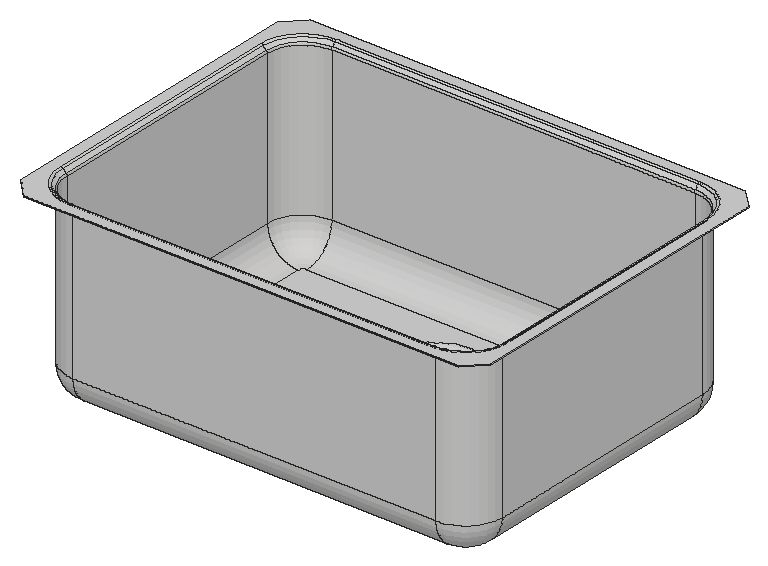
Revit family "Sink-Kitchen-KOHLER-Undertone-K-3325", category Plumbing Fixtures, host Face, Revit 2015
Parameters (values of type "NA-Stainless Steel")
  Width = 17 1/2"  # constant formula
  Waste Water Outlet = "Waste Water Outlet"  # constant formula
  Waste Connection = 1 = 1  # yes
  Vent Connection = 1 = 0  # no
  URL = "https://www.us.kohler.com/us/"
  Type = 1
  Product Page URL = "http://www.us.kohler.com/us/catalog/productDetails.jsp?productNumber=3325"
  Product Name = "Undertone"  # constant formula
  Product Documentation Link = "http://www.us.kohler.com/onlinecatalog/pdf/K-3325_spec.pdf"
  Model = if(Type = 1, "K-3325-NA", if(Type = 2, "K-3325-HCF-NA", "NA"))  # "K-3325-NA"
  Material = "18-Gauge Stainless Steel"  # constant formula
  MasterFormat 2004 = "22.41.16"  # constant formula
  MasterFormat 1995 = "15410"  # constant formula
  Manufacturer Address = "444 Highland Dr, Kohler, WI 53044"  # constant formula
  Manufacturer = "KOHLER Co."  # constant formula
  Length = 23"  # constant formula
  Hot Water Inlet = "Hot Water Inlet"  # constant formula
  Height = 9 1/2"  # constant formula
  HW Connection = 1 = 0  # no
  Finish = Kohler-Metal-NA-Stainless
  Environmental Product Declaration = ""
  Drain Included = 1 = 0  # no
  Description = if(Type = 1, "23inch x 17-1/2inch x 9-1/2inch medium squared under-mount single-bowl kitchen sink", if(Type = 2, "Preserve 23inch x 17-1/2inch x 9-1/2inch medium under-mount single-bowl kitchen sink", "NA"))  # "23inch x 17-1/2inch x 9-1/2inch medium squared under-mount single-bowl kitchen sink"
  Default Elevation = 36"
  Declare Label = ""
  Date Modified = "07/30/2018"  # constant formula
  Date Created = "07/30/2018"  # constant formula
  Copyright = "Copyright KOHLER Co."  # constant formula
  Contact Us = "https://www.us.kohler.com/us/static/contact.jsp"
  Cold Water Inlet = "Cold Water Inlet"  # constant formula
  CW Connection = 1 = 0  # no
  Assembly Code = "D2010400"
  ADA Compliant = 1 = 0  # no
Types (3): name | Type | Product Page URL | Product Documentation Link | Model | Description
  (no name) | 1 | "http://www.us.kohler.com/us/catalog/productDetails.jsp?productNumber=3325" | "http://www.us.kohler.com/onlinecatalog/pdf/K-3325_spec.pdf" | "K-3325-NA" | "23inch x 17-1/2inch x 9-1/2inch medium squared under-mount single-bowl kitchen sink"
  NA-Stainless Steel | 1 | "http://www.us.kohler.com/us/catalog/productDetails.jsp?productNumber=3325" | "http://www.us.kohler.com/onlinecatalog/pdf/K-3325_spec.pdf" | "K-3325-NA" | "23inch x 17-1/2inch x 9-1/2inch medium squared under-mount single-bowl kitchen sink"
  Preserve, NA-Stainless Steel | 2 | "http://www.us.kohler.com/us/catalog/productDetails.jsp?productNumber=3325-HCF" | "http://www.us.kohler.com/onlinecatalog/pdf/K-3325-HCF_spec.pdf" | "K-3325-HCF-NA" | "Preserve 23inch x 17-1/2inch x 9-1/2inch medium under-mount single-bowl kitchen sink"
Reference planes (in)
  plane 1 "Center (Front/Back)": y = 0
  plane 2: z = 0
  plane 3 "Center (Left/Right)": x = 0
  plane 4: z = -1
  plane 5: y = 5.88014
  plane 6: y = -11.61986
  plane 7: x = -11.5
  plane 8: x = 11.5
  plane 9: z = -10.5
Forms (in)
  Extrusion 1, void
    sketch origin (0, 0, 0) x (1, 0, 0) y (0, 1, 0)
      loop
        line (-10.62, 5.875) -> (-11.5, 4.995) -> (-11.5, -10.73986) -> (-10.62, -11.61986) -> (10.62, -11.61986) -> (11.5, -10.73986) -> (11.5, 4.995) -> (10.62, 5.875) -> (-10.62, 5.875)
    from -13.56907 to -1
  Extrusion 2, void
    sketch origin (0, 0, 0) x (1, 0, 0) y (0, 1, 0)
      loop
        line (-10.625, 3.25) -> (-10.625, -8.99486)
        arc (-10.625, -8.99486) -> (-10.11244, -10.23229) -> (-8.875, -10.74486) r 1.75
        line (-8.875, -10.74486) -> (8.875, -10.74486)
        arc (8.875, -10.74486) -> (10.11244, -10.23229) -> (10.625, -8.99486) r 1.75
        line (10.625, -8.99486) -> (10.625, 3.25)
        arc (10.625, 3.25) -> (10.11244, 4.48744) -> (8.875, 5) r 1.75
        line (8.875, 5) -> (-8.875, 5)
        arc (-8.875, 5) -> (-10.11244, 4.48744) -> (-10.625, 3.25) r 1.75
    from -1 to 0
Dimensions and locks (in)
  plane 2 to plane 4 = 1"
  "Length": plane 7 to plane 8
  "Width": plane 6 to plane 5
  "Height": plane 4 to plane 9
  aligned and locked: plane 2 to host face
  aligned and locked: level to host face
Automatic sketch dimensions
  host sketch curve to host sketch curve = 96"  (x2)
  Extrusion 1 sketch curve to plane 7 = 0"
  plane 6 to Extrusion 1 sketch curve = 0"
  Extrusion 1 sketch curve to plane 8 = 0"
  plane 5 to Extrusion 1 sketch curve = 0.00514"
  plane 7 to Extrusion 1 sketch curve = 0.88"  (x2)
  plane 8 to Extrusion 1 sketch curve = 0.88"  (x2)
  Extrusion 1 sketch curve to plane 6 = 0.88"  (x2)
  plane 5 to Extrusion 1 sketch curve = 0.88514"  (x2)
  plane 7 to Extrusion 2 sketch curve = 7/8"
  plane 5 to Extrusion 2 sketch curve = 0.88014"
  Extrusion 2 sketch curve to Extrusion 2 sketch curve = 1 3/4"  (x2)
  plane 8 to Extrusion 2 sketch curve = 2 5/8"  (x2)
  plane 8 to Extrusion 2 sketch curve = 7/8"
  Extrusion 2 sketch curve to plane 6 = 2 5/8"
Nested families (in)
  nested 1: "K-3325" at (0, 0, -1), type "K-3325"
Connectors (in)
  piping at (0, 0, -13.47443), diameter 1.5, driven by "Waste Connection", driven by "Waste Water Outlet"
    settings: on nested 1, index 1, connector inside diameter 24", connector length 0", flow factor 0, pipe flow 0 GPM, pressure drop 0.00 psi, fitting loss kfactor 0, connector angle 0.00°, fixture units 0, engagement length 0", angle of deflection 0.00°, flow configuration 0, flow direction 2, fitting loss method 0, system type 16, joint type 0, gender type 0, connector reference index -1, connector utility 1, adjustable connector no, is connector primary yes, connector description "Waste Water Outlet"
Definition of nested family "K-3325"
  Parameters (values of type "K-3325")
    Material = none
  Reference planes (in)
    plane 1 "Center (Front/Back)": y = 0
    plane 2: z = 0
    plane 3 "Center (Left/Right)": x = 0
    plane 4: y = 5.875
    plane 5: y = -11.625
    plane 6: x = -11.5
    plane 7: x = 11.5
    plane 8: z = -9.5
  Forms (in)
    Sweep 1, solid, material <- "Material", detail levels medium+fine
      path origin (0, 0, 0) x (1, 0, 0) y (0, 1, 0)
        loop
          arc (-8.87253, 5.31461) -> (-10.33418, 4.70918) -> (-10.93961, 3.24753) r 2.06709
          line (-10.93961, 3.24753) -> (-10.93961, -8.99821)
          arc (-10.93961, -8.99821) -> (-10.33438, -10.45938) -> (-8.87321, -11.06461) r 2.06641
          line (-8.87321, -11.06461) -> (8.87321, -11.06461)
          arc (8.87321, -11.06461) -> (10.33438, -10.45938) -> (10.93961, -8.99821) r 2.06641
          line (10.93961, -8.99821) -> (10.93961, 3.24821)
          arc (10.93961, 3.24821) -> (10.33438, 4.70938) -> (8.87321, 5.31461) r 2.06641
          line (8.87321, 5.31461) -> (-8.87253, 5.31461)
      profile origin (-10.93961, -2.87534, 0) x (-1, 0, 0) y (0, 0, 1)
        loop
          line (0.05422, 0) -> (0.00173, 0)
          arc (0.00173, 0) -> (-0.05956, -0.01219) -> (-0.11153, -0.04691) r 0.16017
          line (-0.11153, -0.04691) -> (-0.26889, -0.20427)
          arc (-0.26889, -0.20427) -> (-0.30273, -0.25492) -> (-0.31461, -0.31467) r 0.15612
          line (-0.31461, -0.31467) -> (-0.31461, -7.74664)
          arc (-0.31461, -7.74664) -> (-0.75956, -8.82085) -> (-1.83377, -9.2658) r 1.51915
          line (-1.83377, -9.2658) -> (-1.86508, -9.2658) -> (-1.86508, -9.31267) -> (-1.81164, -9.31267)
          arc (-1.81164, -9.31267) -> (-0.71914, -8.86014) -> (-0.26661, -7.76764) r 1.54503
          line (-0.26661, -7.76764) -> (-0.26661, -0.31043)
          arc (-0.26661, -0.31043) -> (-0.25916, -0.27297) -> (-0.23794, -0.24121) r 0.09789
          line (-0.23794, -0.24121) -> (-0.07658, -0.07985)
          arc (-0.07658, -0.07985) -> (-0.0413, -0.05628) -> (0.00032, -0.048) r 0.10876
          line (0.00032, -0.048) -> (0.05422, -0.048) -> (0.05422, 0)
    Extrusion 2, solid, material <- "Material", detail levels medium+fine
      sketch origin (0, 0, 0) x (1, 0, 0) y (0, 1, 0)
        loop
          arc (-9.07454, -8.99821) -> (-9.01557, -9.14057) -> (-8.87321, -9.19954) r 0.20133
          line (-8.87321, -9.19954) -> (8.87321, -9.19954)
          arc (8.87321, -9.19954) -> (9.01557, -9.14057) -> (9.07454, -8.99821) r 0.20133
          line (9.07454, -8.99821) -> (9.07454, 3.24821)
          arc (9.07454, 3.24821) -> (9.01557, 3.39057) -> (8.87321, 3.44954) r 0.20133
          line (8.87321, 3.44954) -> (-8.87253, 3.44954)
          arc (-8.87253, 3.44954) -> (-9.01537, 3.39037) -> (-9.07454, 3.24753) r 0.20201
          line (-9.07454, 3.24753) -> (-9.07454, -8.99821)
      from -9.31267 to -9.2658
    Extrusion 3, solid, material <- "Material", detail levels medium+fine
      sketch origin (0, 0, 0) x (1, 0, 0) y (0, 1, 0)
        loop
          line (-11.5, 4.995) -> (-11.5, -10.745) -> (-10.62, -11.625) -> (10.62, -11.625) -> (11.5, -10.745) -> (11.5, 4.995) -> (10.62, 5.875) -> (-10.62, 5.875) -> (-11.5, 4.995)
        loop
          arc (-8.87253, 5.36883) -> (-10.37252, 4.74752) -> (-10.99383, 3.24753) r 2.12131
          line (-10.99383, 3.24753) -> (-10.99383, -8.99821)
          arc (-10.99383, -8.99821) -> (-10.37272, -10.49772) -> (-8.87321, -11.11883) r 2.12063
          line (-8.87321, -11.11883) -> (8.87321, -11.11883)
          arc (8.87321, -11.11883) -> (10.37272, -10.49772) -> (10.99383, -8.99821) r 2.12063
          line (10.99383, -8.99821) -> (10.99383, 3.24821)
          arc (10.99383, 3.24821) -> (10.37272, 4.74772) -> (8.87321, 5.36883) r 2.12063
          line (8.87321, 5.36883) -> (-8.87253, 5.36883)
      from -0.048 to 0
    Revolve 4, solid, material <- "Material", detail levels medium+fine
      sketch origin (0, 0, 0) x (1, 0, 0) y (0, 0, 1)
        loop
          line (0, -12.47443) -> (0, -9.31267) -> (-2.88271, -9.31267)
          arc (-2.88271, -9.31267) -> (-2.77136, -9.32981) -> (-2.67032, -9.37964) r 0.37029
          line (-2.67032, -9.37964) -> (-2.563, -9.45479)
          arc (-2.563, -9.45479) -> (-2.49478, -9.48843) -> (-2.4196, -9.5) r 0.25
          line (-2.4196, -9.5) -> (-2.25, -9.5) -> (-2.25, -10.46583)
          arc (-2.25, -10.46583) -> (-2.24173, -10.4858) -> (-2.22177, -10.49407) r 0.02823
          line (-2.22177, -10.49407) -> (-1.90122, -10.49407)
          arc (-1.90122, -10.49407) -> (-1.85795, -10.51199) -> (-1.84003, -10.55526) r 0.06119
          line (-1.84003, -10.55526) -> (-1.84003, -10.62543)
          arc (-1.84003, -10.62543) -> (-1.83165, -10.64568) -> (-1.8114, -10.65407) r 0.02863
          line (-1.8114, -10.65407) -> (-1.68574, -10.65407) -> (-1.68574, -10.9212)
          arc (-1.68574, -10.9212) -> (-1.65203, -11.02813) -> (-1.56308, -11.09638) r 0.18642
          line (-1.56308, -11.09638) -> (-1.18689, -11.2333)
          arc (-1.18689, -11.2333) -> (-1.0054, -11.37257) -> (-0.9366, -11.59074) r 0.38038
          line (-0.9366, -11.59074) -> (-0.9366, -11.97507) -> (-1.07, -11.97507) -> (-1.07, -12.28479) -> (-0.92311, -12.53921)
          arc (-0.92311, -12.53921) -> (-0.90126, -12.56107) -> (-0.8714, -12.56907) r 0.05971
          line (-0.8714, -12.56907) -> (-0.75, -12.56907) -> (-0.75, -12.47443) -> (0, -12.47443)
        axis (0, -9.31267) -> (0, -12.56907)
      angle from 0 to 360
    Revolve 5, void
      sketch origin (0, 0, 0) x (1, 0, 0) y (0, 0, 1)
        loop
          line (0.00034, -10.59196) -> (0.00034, -9.2658) -> (-2.63119, -9.2658)
          arc (-2.63119, -9.2658) -> (-2.28749, -9.33416) -> (-1.99613, -9.52885) r 0.89811
          line (-1.99613, -9.52885) -> (-1.89345, -9.63152)
          arc (-1.89345, -9.63152) -> (-1.80073, -9.69395) -> (-1.69135, -9.71693) r 0.29172
          arc (-1.69135, -9.71693) -> (-1.59695, -9.75727) -> (-1.55801, -9.85224) r 0.13527
          line (-1.55801, -9.85224) -> (-1.55801, -10.26855)
          arc (-1.55801, -10.26855) -> (-1.46328, -10.49724) -> (-1.2346, -10.59196) r 0.32341
          line (-1.2346, -10.59196) -> (0.00034, -10.59196)
        axis (0.00034, -9.2658) -> (0.00034, -10.59196)
      angle from 0 to 360
    Revolve 6, solid, detail levels medium+fine
      sketch origin (0, 0, 0) x (1, 0, 0) y (0, 0, 1)
        loop
          line (0, -10.31582) -> (0, -9.29433)
          arc (0, -9.29433) -> (-0.14083, -9.30679) -> (-0.27729, -9.34379) r 0.80192
          arc (-0.27729, -9.34379) -> (-0.30926, -9.39955) -> (-0.25998, -9.44082) r 0.05006
          line (-0.25998, -9.44082) -> (-0.14463, -9.44082) -> (-0.14463, -9.63582) -> (-0.20066, -9.63582) -> (-0.20066, -9.71694) -> (-0.158, -9.74082) -> (-0.20066, -9.76621) -> (-0.20066, -9.85082) -> (-0.14897, -9.85082) -> (-0.14897, -10.09582) -> (-0.24232, -10.09582)
          arc (-0.24232, -10.09582) -> (-0.26967, -10.10715) -> (-0.281, -10.1345) r 0.03868
          line (-0.281, -10.1345) -> (-0.281, -10.28582) -> (-1.3974, -10.28582)
          arc (-1.3974, -10.28582) -> (-1.46249, -10.25985) -> (-1.49182, -10.19621) r 0.09456
          line (-1.49182, -10.19621) -> (-1.5237, -9.58799)
          arc (-1.5237, -9.58799) -> (-1.57188, -9.48347) -> (-1.67878, -9.44082) r 0.1553
          line (-1.67878, -9.44082) -> (-1.72416, -9.44082)
          arc (-1.72416, -9.44082) -> (-1.74349, -9.44883) -> (-1.7515, -9.46816) r 0.02734
          line (-1.7515, -9.46816) -> (-1.7515, -9.50046)
          arc (-1.7515, -9.50046) -> (-1.77918, -9.52814) -> (-1.80687, -9.50046) r 0.02768
          line (-1.80687, -9.50046) -> (-1.80687, -9.46809)
          arc (-1.80687, -9.46809) -> (-1.81486, -9.44881) -> (-1.83414, -9.44082) r 0.02727
          line (-1.83414, -9.44082) -> (-2.0099, -9.44082)
          arc (-2.0099, -9.44082) -> (-2.02511, -9.45347) -> (-2.01544, -9.47074) r 0.01547
          line (-2.01544, -9.47074) -> (-1.69073, -9.59538)
          arc (-1.69073, -9.59538) -> (-1.58685, -9.67509) -> (-1.54314, -9.79852) r 0.23051
          line (-1.54314, -9.79852) -> (-1.5217, -10.20769)
          arc (-1.5217, -10.20769) -> (-1.4863, -10.28448) -> (-1.40775, -10.31582) r 0.1141
          line (-1.40775, -10.31582) -> (0, -10.31582)
        axis (0, -9.29433) -> (0, -10.31582)
      angle from 0 to 360
    Extrusion 7, void
      sketch origin (0, 0, 0) x (1, 0, 0) y (0, 1, 0)
        loop
          circle (0, 0.62411) r 0.09525
        loop
          circle (0, 0.95336) r 0.09525
        loop
          circle (0, 1.27984) r 0.09525
        loop
          circle (0.31228, 0.54044) r 0.09525
        loop
          circle (0.54088, 0.31183) r 0.09525
        loop
          circle (0.62456, -0.00045) r 0.09525
        loop
          circle (0.29474, 0.90668) r 0.09525
        loop
          circle (0.56063, 0.7712) r 0.09525
        loop
          circle (0.77165, 0.56019) r 0.09525
        loop
          circle (0.90713, 0.2943) r 0.09525
        loop
          circle (0.95381, -0.00045) r 0.09525
        loop
          circle (0.28473, 1.24777) r 0.09525
        loop
          circle (0.55541, 1.15309) r 0.09525
        loop
          circle (0.79804, 1.00068) r 0.09525
        loop
          circle (1.00085, 0.79795) r 0.09525
        loop
          circle (1.15334, 0.55536) r 0.09525
        loop
          circle (1.24812, 0.28472) r 0.09525
        loop
          circle (1.28028, 0) r 0.09525
        loop
          circle (-0.31228, 0.54044) r 0.09525
        loop
          circle (-0.54088, 0.31183) r 0.09525
        loop
          circle (-0.62456, -0.00045) r 0.09525
        loop
          circle (-0.29474, 0.90668) r 0.09525
        loop
          circle (-0.56063, 0.7712) r 0.09525
        loop
          circle (-0.77165, 0.56019) r 0.09525
        loop
          circle (-0.90713, 0.2943) r 0.09525
        loop
          circle (-0.95381, -0.00045) r 0.09525
        loop
          circle (-0.28473, 1.24777) r 0.09525
        loop
          circle (-0.55541, 1.15309) r 0.09525
        loop
          circle (-0.79804, 1.00068) r 0.09525
        loop
          circle (-1.00085, 0.79795) r 0.09525
        loop
          circle (-1.15334, 0.55536) r 0.09525
        loop
          circle (-1.24812, 0.28472) r 0.09525
        loop
          circle (-1.28028, 0) r 0.09525
        loop
          circle (0, -0.62501) r 0.09525
        loop
          circle (0, -0.95426) r 0.09525
        loop
          circle (0, -1.28073) r 0.09525
        loop
          circle (0.31228, -0.54133) r 0.09525
        loop
          circle (0.54088, -0.31273) r 0.09525
        loop
          circle (0.29474, -0.90757) r 0.09525
        loop
          circle (0.56063, -0.77209) r 0.09525
        loop
          circle (0.77165, -0.56108) r 0.09525
        loop
          circle (0.90713, -0.29519) r 0.09525
        loop
          circle (0.28473, -1.24867) r 0.09525
        loop
          circle (0.55541, -1.15399) r 0.09525
        loop
          circle (0.79804, -1.00157) r 0.09525
        loop
          circle (1.00085, -0.79884) r 0.09525
        loop
          circle (1.15334, -0.55626) r 0.09525
        loop
          circle (1.24812, -0.28562) r 0.09525
        loop
          circle (-0.31228, -0.54133) r 0.09525
        loop
          circle (-0.54088, -0.31273) r 0.09525
        loop
          circle (-0.29474, -0.90757) r 0.09525
        loop
          circle (-0.56063, -0.77209) r 0.09525
        loop
          circle (-0.77165, -0.56108) r 0.09525
        loop
          circle (-0.90713, -0.29519) r 0.09525
        loop
          circle (-0.28473, -1.24867) r 0.09525
        loop
          circle (-0.55541, -1.15399) r 0.09525
        loop
          circle (-0.79804, -1.00157) r 0.09525
        loop
          circle (-1.00085, -0.79884) r 0.09525
        loop
          circle (-1.15334, -0.55626) r 0.09525
        loop
          circle (-1.24812, -0.28562) r 0.09525
      from -10.39217 to -10.20883
    Extrusion 8, solid, material <- "Material", detail levels coarse
      sketch origin (0, 0.00514, 0) x (1, 0, 0) y (0, 1, 0)
        loop
          line (-11.5, 4.995) -> (-11.5, -10.745) -> (-10.62, -11.625) -> (10.62, -11.625) -> (11.5, -10.745) -> (11.5, 4.995) -> (10.62, 5.875) -> (-10.62, 5.875) -> (-11.5, 4.995)
      from -0.048 to 0
    Extrusion 9, solid, material <- "Material", detail levels coarse
      sketch origin (0, 0, 0) x (1, 0, 0) y (0, 1, 0)
        loop
          line (-10.625, 3.25) -> (-10.625, -9)
          arc (-10.625, -9) -> (-10.11244, -10.23744) -> (-8.875, -10.75) r 1.75
          line (-8.875, -10.75) -> (8.875, -10.75)
          arc (8.875, -10.75) -> (10.11244, -10.23744) -> (10.625, -9) r 1.75
          line (10.625, -9) -> (10.625, 3.25)
          arc (10.625, 3.25) -> (10.11244, 4.48744) -> (8.875, 5) r 1.75
          line (8.875, 5) -> (-8.875, 5)
          arc (-8.875, 5) -> (-10.11244, 4.48744) -> (-10.625, 3.25) r 1.75
      from -0.048 to -9.30966
    Extrusion 10, void
      sketch origin (0, 0, 0) x (1, 0, 0) y (0, 1, 0)
        loop
          arc (-8.875, 4.75) -> (-9.93566, 4.31066) -> (-10.375, 3.25) r 1.5
          line (-10.375, 3.25) -> (-10.375, -9)
          arc (-10.375, -9) -> (-9.93566, -10.06066) -> (-8.875, -10.5) r 1.5
          line (-8.875, -10.5) -> (8.875, -10.5)
          arc (8.875, -10.5) -> (9.93566, -10.06066) -> (10.375, -9) r 1.5
          line (10.375, -9) -> (10.375, 3.25)
          arc (10.375, 3.25) -> (9.93566, 4.31066) -> (8.875, 4.75) r 1.5
          line (8.875, 4.75) -> (-8.875, 4.75)
      from 0 to -8.86567
    Extrusion 11, solid, material <- "Material", detail levels coarse
      sketch origin (0, 0, 0) x (1, 0, 0) y (0, 1, 0)
        loop
          circle (0, 0) r 1.85563
      from -12.56907 to -9.30966
  Cuts and joins
    Revolve 5 cuts Extrusion 2
    Revolve 5 cuts Revolve 4
    joined: Sweep 1, Extrusion 2, Extrusion 3, Revolve 4
    Extrusion 7 cuts Revolve 6
    Extrusion 10 cuts Extrusion 8
    Extrusion 10 cuts Extrusion 9
    Extrusion 10 cuts Extrusion 11
    joined: Extrusion 8, Extrusion 9, Extrusion 11
  Lines and regions (in)
    Masking region 1
      outline origin (0, 0, 0) x (1, 0, 0) y (0, 0, 1)
        loop
          arc (0.8714, -12.56907) -> (0.90126, -12.56107) -> (0.92311, -12.53921) r 0.05971
          line (0.92311, -12.53921) -> (1.07, -12.28479) -> (1.07, -11.97507) -> (0.9366, -11.97507) -> (0.9366, -11.59074)
          arc (0.9366, -11.59074) -> (1.0054, -11.37257) -> (1.18689, -11.2333) r 0.38038
          line (1.18689, -11.2333) -> (1.56308, -11.09638)
          arc (1.56308, -11.09638) -> (1.65203, -11.02813) -> (1.68574, -10.9212) r 0.18642
          line (1.68574, -10.9212) -> (1.68574, -10.65407) -> (1.8114, -10.65407)
          arc (1.8114, -10.65407) -> (1.83165, -10.64568) -> (1.84003, -10.62543) r 0.02863
          line (1.84003, -10.62543) -> (1.84003, -10.55526)
          arc (1.84003, -10.55526) -> (1.85795, -10.51199) -> (1.90122, -10.49407) r 0.06119
          line (1.90122, -10.49407) -> (2.22177, -10.49407)
          arc (2.22177, -10.49407) -> (2.24173, -10.4858) -> (2.25, -10.46583) r 0.02823
          line (2.25, -10.46583) -> (2.25, -9.5) -> (2.4196, -9.5)
          arc (2.4196, -9.5) -> (2.49478, -9.48843) -> (2.563, -9.45479) r 0.25
          line (2.563, -9.45479) -> (2.67032, -9.37964)
          arc (2.67032, -9.37964) -> (2.77136, -9.32981) -> (2.88271, -9.31267) r 0.37029
          line (2.88271, -9.31267) -> (9.12797, -9.31267)
          arc (9.12797, -9.31267) -> (10.22047, -8.86014) -> (10.673, -7.76764) r 1.54503
          line (10.673, -7.76764) -> (10.673, -0.31043)
          arc (10.673, -0.31043) -> (10.68045, -0.27297) -> (10.70167, -0.24121) r 0.09789
          line (10.70167, -0.24121) -> (10.86303, -0.07985)
          arc (10.86303, -0.07985) -> (10.89831, -0.05628) -> (10.93993, -0.048) r 0.10876
          line (10.93993, -0.048) -> (11.5, -0.048) -> (11.5, 0) -> (-11.5, 0) -> (-11.5, -0.048) -> (-10.93993, -0.048)
          arc (-10.93993, -0.048) -> (-10.89831, -0.05628) -> (-10.86303, -0.07985) r 0.10876
          line (-10.86303, -0.07985) -> (-10.70167, -0.24121)
          arc (-10.70167, -0.24121) -> (-10.68045, -0.27297) -> (-10.673, -0.31043) r 0.09789
          line (-10.673, -0.31043) -> (-10.673, -7.76764)
          arc (-10.673, -7.76764) -> (-10.22047, -8.86014) -> (-9.12797, -9.31267) r 1.54503
          line (-9.12797, -9.31267) -> (-2.88271, -9.31267)
          arc (-2.88271, -9.31267) -> (-2.77136, -9.32981) -> (-2.67032, -9.37964) r 0.37029
          line (-2.67032, -9.37964) -> (-2.563, -9.45479)
          arc (-2.563, -9.45479) -> (-2.49478, -9.48843) -> (-2.4196, -9.5) r 0.25
          line (-2.4196, -9.5) -> (-2.25, -9.5) -> (-2.25, -10.46583)
          arc (-2.25, -10.46583) -> (-2.24173, -10.4858) -> (-2.22177, -10.49407) r 0.02823
          line (-2.22177, -10.49407) -> (-1.90122, -10.49407)
          arc (-1.90122, -10.49407) -> (-1.85795, -10.51199) -> (-1.84003, -10.55526) r 0.06119
          line (-1.84003, -10.55526) -> (-1.84003, -10.62543)
          arc (-1.84003, -10.62543) -> (-1.83165, -10.64568) -> (-1.8114, -10.65407) r 0.02863
          line (-1.8114, -10.65407) -> (-1.68574, -10.65407) -> (-1.68574, -10.9212)
          arc (-1.68574, -10.9212) -> (-1.65203, -11.02813) -> (-1.56308, -11.09638) r 0.18642
          line (-1.56308, -11.09638) -> (-1.18689, -11.2333)
          arc (-1.18689, -11.2333) -> (-1.0054, -11.37257) -> (-0.9366, -11.59074) r 0.38038
          line (-0.9366, -11.59074) -> (-0.9366, -11.97507) -> (-1.07, -11.97507) -> (-1.07, -12.28479) -> (-0.92311, -12.53921)
          arc (-0.92311, -12.53921) -> (-0.90126, -12.56107) -> (-0.8714, -12.56907) r 0.05971
          line (-0.8714, -12.56907) -> (0.8714, -12.56907)
    Masking region 2
      outline origin (0, 0, 0) x (0, 1, 0) y (0, 0, 1)
        loop
          line (-0.8714, -12.56907) -> (0.8714, -12.56907)
          arc (0.8714, -12.56907) -> (0.90126, -12.56107) -> (0.92311, -12.53921) r 0.05971
          line (0.92311, -12.53921) -> (1.07, -12.28479) -> (1.07, -11.97507) -> (0.9366, -11.97507) -> (0.9366, -11.59074)
          arc (0.9366, -11.59074) -> (1.0054, -11.37257) -> (1.18689, -11.2333) r 0.38038
          line (1.18689, -11.2333) -> (1.56308, -11.09638)
          arc (1.56308, -11.09638) -> (1.65203, -11.02813) -> (1.68574, -10.9212) r 0.18642
          line (1.68574, -10.9212) -> (1.68574, -10.65407) -> (1.8114, -10.65407)
          arc (1.8114, -10.65407) -> (1.83165, -10.64568) -> (1.84003, -10.62543) r 0.02863
          line (1.84003, -10.62543) -> (1.84003, -10.55526)
          arc (1.84003, -10.55526) -> (1.85795, -10.51199) -> (1.90122, -10.49407) r 0.06119
          line (1.90122, -10.49407) -> (2.22177, -10.49407)
          arc (2.22177, -10.49407) -> (2.24173, -10.4858) -> (2.25, -10.46583) r 0.02823
          line (2.25, -10.46583) -> (2.25, -9.5) -> (2.4196, -9.5)
          arc (2.4196, -9.5) -> (2.49478, -9.48843) -> (2.563, -9.45479) r 0.25
          line (2.563, -9.45479) -> (2.67032, -9.37964)
          arc (2.67032, -9.37964) -> (2.77136, -9.32981) -> (2.88271, -9.31267) r 0.37029
          line (2.88271, -9.31267) -> (3.50297, -9.31267)
          arc (3.50297, -9.31267) -> (4.59547, -8.86014) -> (5.048, -7.76764) r 1.54503
          line (5.048, -7.76764) -> (5.048, -0.31043)
          arc (5.048, -0.31043) -> (5.05545, -0.27297) -> (5.07667, -0.24121) r 0.09789
          line (5.07667, -0.24121) -> (5.23803, -0.07985)
          arc (5.23803, -0.07985) -> (5.27331, -0.05628) -> (5.31493, -0.048) r 0.10876
          line (5.31493, -0.048) -> (5.875, -0.048) -> (5.875, 0) -> (-11.625, 0) -> (-11.625, -0.048) -> (-11.06493, -0.048)
          arc (-11.06493, -0.048) -> (-11.02331, -0.05628) -> (-10.98803, -0.07985) r 0.10876
          line (-10.98803, -0.07985) -> (-10.82667, -0.24121)
          arc (-10.82667, -0.24121) -> (-10.80545, -0.27297) -> (-10.798, -0.31043) r 0.09789
          line (-10.798, -0.31043) -> (-10.798, -7.76764)
          arc (-10.798, -7.76764) -> (-10.34547, -8.86014) -> (-9.25297, -9.31267) r 1.54503
          line (-9.25297, -9.31267) -> (-2.88271, -9.31267)
          arc (-2.88271, -9.31267) -> (-2.77136, -9.32981) -> (-2.67032, -9.37964) r 0.37029
          line (-2.67032, -9.37964) -> (-2.563, -9.45479)
          arc (-2.563, -9.45479) -> (-2.49478, -9.48843) -> (-2.4196, -9.5) r 0.25
          line (-2.4196, -9.5) -> (-2.25, -9.5) -> (-2.25, -10.46583)
          arc (-2.25, -10.46583) -> (-2.24173, -10.4858) -> (-2.22177, -10.49407) r 0.02823
          line (-2.22177, -10.49407) -> (-1.90122, -10.49407)
          arc (-1.90122, -10.49407) -> (-1.85795, -10.51199) -> (-1.84003, -10.55526) r 0.06119
          line (-1.84003, -10.55526) -> (-1.84003, -10.62543)
          arc (-1.84003, -10.62543) -> (-1.83165, -10.64568) -> (-1.8114, -10.65407) r 0.02863
          line (-1.8114, -10.65407) -> (-1.68574, -10.65407) -> (-1.68574, -10.9212)
          arc (-1.68574, -10.9212) -> (-1.65203, -11.02813) -> (-1.56308, -11.09638) r 0.18642
          line (-1.56308, -11.09638) -> (-1.18689, -11.2333)
          arc (-1.18689, -11.2333) -> (-1.0054, -11.37257) -> (-0.9366, -11.59074) r 0.38038
          line (-0.9366, -11.59074) -> (-0.9366, -11.97507) -> (-1.07, -11.97507) -> (-1.07, -12.28479) -> (-0.92311, -12.53921)
          arc (-0.92311, -12.53921) -> (-0.90126, -12.56107) -> (-0.8714, -12.56907) r 0.05971
    Masking region 3
      outline origin (0, 0, 0) x (1, 0, 0) y (0, 1, 0)
        loop
          line (-10.62, 5.875) -> (-11.5, 4.995) -> (-11.5, -10.745) -> (-10.62, -11.625) -> (10.62, -11.625) -> (11.5, -10.745) -> (11.5, 4.995) -> (10.62, 5.875) -> (-10.62, 5.875)
    symbolic lines, detail levels medium+fine
      curve 1: line (-10.93993, 0, -0.048) -> (10.93993, 0, -0.048)
      curve 2: line (-2.88271, 0, -9.31267) -> (2.88271, 0, -9.31267)
      curve 3: line (-2.25, 0, -9.5) -> (2.25, 0, -9.5)
      curve 4: line (-1.90122, 0, -10.49407) -> (1.90122, 0, -10.49407)
      curve 5: line (-1.68574, 0, -10.65407) -> (1.68574, 0, -10.65407)
      curve 6: line (-0.9366, 0, -11.97507) -> (0.9366, 0, -11.97507)
      curve 7: line (-1.07, 0, -12.28479) -> (1.07, 0, -12.28479)
      curve 8: line (0, 5.31493, -0.048) -> (0, -11.06493, -0.048)
      curve 9: line (0, 2.88271, -9.31267) -> (0, -2.88271, -9.31267)
      curve 10: line (0, 2.25, -9.5) -> (0, -2.25, -9.5)
      curve 11: line (0, 1.90122, -10.49407) -> (0, -1.90122, -10.49407)
      curve 12: line (0, 1.68574, -10.65407) -> (0, -1.68574, -10.65407)
      curve 13: line (0, 0.9366, -11.97507) -> (0, -0.9366, -11.97507)
      curve 14: line (0, 1.07, -12.28479) -> (0, -1.07, -12.28479)
      curve 15: line (-8.875, 5, 0) -> (8.875, 5, 0)
      curve 16: line (-10.625, 3.25, 0) -> (-10.625, -9, 0)
      curve 17: line (-8.875, -10.75, 0) -> (8.875, -10.75, 0)
      curve 18: line (10.625, 3.25, 0) -> (10.625, -9, 0)
      curve 19: arc (-10.625, 3.25, 0) -> (-10.11244, 4.48744, 0) -> (-8.875, 5, 0) r 1.75
      curve 20: arc (8.875, 5, 0) -> (10.11244, 4.48744, 0) -> (10.625, 3.25, 0) r 1.75
      curve 21: arc (8.875, -10.75, 0) -> (10.11244, -10.23744, 0) -> (10.625, -9, 0) r 1.75
      curve 22: arc (-8.875, -10.75, 0) -> (-10.11244, -10.23744, 0) -> (-10.625, -9, 0) r 1.75
      curve 23: circle (0, 0, 0) r 1.68574 normal (0, 0, -1)
      curve 24: circle (0, 0, 0) r 0.20064 normal (0, 0, 1)
      curve 25: circle (0, 0, 0) r 1.75 normal (0, 0, 1)
      curve 26: circle (0, 0.62456, 0) r 0.09525 normal (0, 0, 1)
      curve 27: circle (0, 0.95381, 0) r 0.09525 normal (0, 0, 1)
      curve 28: circle (0, 1.28029, 0) r 0.09525 normal (0, 0, 1)
      curve 29: circle (0.31228, 0.54088, 0) r 0.09525 normal (0, 0, 1)
      curve 30: circle (0.54088, 0.31228, 0) r 0.09525 normal (0, 0, 1)
      curve 31: circle (0.62456, 0, 0) r 0.09525 normal (0, 0, 1)
      curve 32: circle (0.29474, 0.90713, 0) r 0.09525 normal (0, 0, 1)
      curve 33: circle (0.56063, 0.77165, 0) r 0.09525 normal (0, 0, 1)
      curve 34: circle (0.77165, 0.56063, 0) r 0.09525 normal (0, 0, 1)
      curve 35: circle (0.90713, 0.29474, 0) r 0.09525 normal (0, 0, 1)
      curve 36: circle (0.95381, 0, 0) r 0.09525 normal (0, 0, 1)
      curve 37: circle (0.28473, 1.24822, 0) r 0.09525 normal (0, 0, 1)
      curve 38: circle (0.55541, 1.15354, 0) r 0.09525 normal (0, 0, 1)
      curve 39: circle (0.79804, 1.00113, 0) r 0.09525 normal (0, 0, 1)
      curve 40: circle (1.00085, 0.79839, 0) r 0.09525 normal (0, 0, 1)
      curve 41: circle (1.15334, 0.55581, 0) r 0.09525 normal (0, 0, 1)
      curve 42: circle (1.24812, 0.28517, 0) r 0.09525 normal (0, 0, 1)
      curve 43: circle (1.28028, 0.00045, 0) r 0.09525 normal (0, 0, 1)
      curve 44: circle (-0.31228, 0.54088, 0) r 0.09525 normal (0, 0, -1)
      curve 45: circle (-0.54088, 0.31228, 0) r 0.09525 normal (0, 0, -1)
      curve 46: circle (-0.62456, 0, 0) r 0.09525 normal (0, 0, -1)
      curve 47: circle (-0.29474, 0.90713, 0) r 0.09525 normal (0, 0, -1)
      curve 48: circle (-0.56063, 0.77165, 0) r 0.09525 normal (0, 0, -1)
      curve 49: circle (-0.77165, 0.56063, 0) r 0.09525 normal (0, 0, -1)
      curve 50: circle (-0.90713, 0.29474, 0) r 0.09525 normal (0, 0, -1)
      curve 51: circle (-0.95381, 0, 0) r 0.09525 normal (0, 0, -1)
      curve 52: circle (-0.28473, 1.24822, 0) r 0.09525 normal (0, 0, -1)
      curve 53: circle (-0.55541, 1.15354, 0) r 0.09525 normal (0, 0, -1)
      curve 54: circle (-0.79804, 1.00113, 0) r 0.09525 normal (0, 0, -1)
      curve 55: circle (-1.00085, 0.79839, 0) r 0.09525 normal (0, 0, -1)
      curve 56: circle (-1.15334, 0.55581, 0) r 0.09525 normal (0, 0, -1)
      curve 57: circle (-1.24812, 0.28517, 0) r 0.09525 normal (0, 0, -1)
      curve 58: circle (-1.28028, 0.00045, 0) r 0.09525 normal (0, 0, -1)
      curve 59: circle (0, -0.62456, 0) r 0.09525 normal (0, 0, -1)
      curve 60: circle (0, -0.95381, 0) r 0.09525 normal (0, 0, -1)
      curve 61: circle (0, -1.28029, 0) r 0.09525 normal (0, 0, -1)
      curve 62: circle (0.31228, -0.54088, 0) r 0.09525 normal (0, 0, -1)
      curve 63: circle (0.54088, -0.31228, 0) r 0.09525 normal (0, 0, -1)
      curve 64: circle (0.29474, -0.90713, 0) r 0.09525 normal (0, 0, -1)
      curve 65: circle (0.56063, -0.77165, 0) r 0.09525 normal (0, 0, -1)
      curve 66: circle (0.77165, -0.56063, 0) r 0.09525 normal (0, 0, -1)
      curve 67: circle (0.90713, -0.29474, 0) r 0.09525 normal (0, 0, -1)
      curve 68: circle (0.28473, -1.24822, 0) r 0.09525 normal (0, 0, -1)
      curve 69: circle (0.55541, -1.15354, 0) r 0.09525 normal (0, 0, -1)
      curve 70: circle (0.79804, -1.00113, 0) r 0.09525 normal (0, 0, -1)
      curve 71: circle (1.00085, -0.79839, 0) r 0.09525 normal (0, 0, -1)
      curve 72: circle (1.15334, -0.55581, 0) r 0.09525 normal (0, 0, -1)
      curve 73: circle (1.24812, -0.28517, 0) r 0.09525 normal (0, 0, -1)
      curve 74: circle (-0.31228, -0.54088, 0) r 0.09525 normal (0, 0, 1)
      curve 75: circle (-0.54088, -0.31228, 0) r 0.09525 normal (0, 0, 1)
      curve 76: circle (-0.29474, -0.90713, 0) r 0.09525 normal (0, 0, 1)
      curve 77: circle (-0.56063, -0.77165, 0) r 0.09525 normal (0, 0, 1)
      curve 78: circle (-0.77165, -0.56063, 0) r 0.09525 normal (0, 0, 1)
      curve 79: circle (-0.90713, -0.29474, 0) r 0.09525 normal (0, 0, 1)
      curve 80: circle (-0.28473, -1.24822, 0) r 0.09525 normal (0, 0, 1)
      curve 81: circle (-0.55541, -1.15354, 0) r 0.09525 normal (0, 0, 1)
      curve 82: circle (-0.79804, -1.00113, 0) r 0.09525 normal (0, 0, 1)
      curve 83: circle (-1.00085, -0.79839, 0) r 0.09525 normal (0, 0, 1)
      curve 84: circle (-1.15334, -0.55581, 0) r 0.09525 normal (0, 0, 1)
      curve 85: circle (-1.24812, -0.28517, 0) r 0.09525 normal (0, 0, 1)
  Dimensions and locks (in)
    plane 6 to plane 7 = 23"
    plane 1 "Center (Front/Back)" to plane 4 = 5 7/8"
    plane 5 to plane 4 = 17 1/2"
    plane 2 to plane 8 = 9 1/2"
    aligned and locked: plane 2 to level
